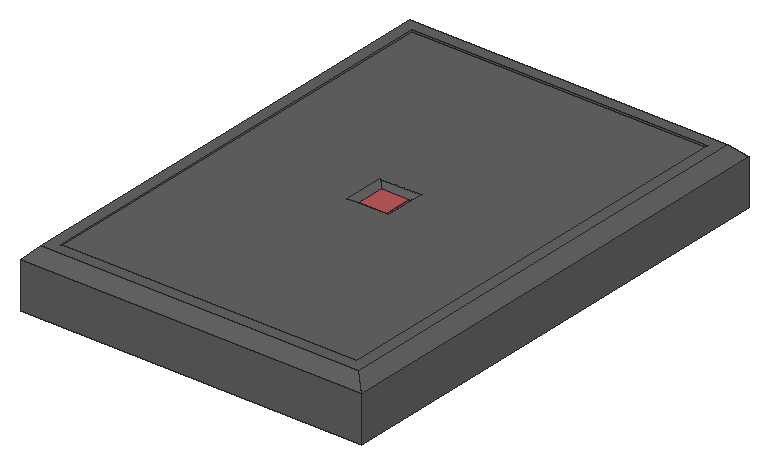
Revit family "Proximity Reader_P-710_Farpointe_R17", category Security Devices, host Face, Revit 2017
Family settings
  Host = Face
  Maintain Annotation Orientation = No
  Round Connector Dimension = Use Diameter
  Part Type = Normal
  Cut with Voids When Loaded = No
  Shared = No
  Room Calculation Point = No
Parameters
  Width = 6"
  URL - Quick Start Guides [instance] = "http://farpointedata.com/downloads/qsg_and_ref/ProximityReaders_QSG.pdf"
  URL - Mounting Guides Letter Size [instance] = "http://farpointedata.com/downloads/mounting_guides/MountingGuide_P710_Ltr.pdf"
  URL - Mounting Guides A4 Size [instance] = "http://farpointedata.com/downloads/mounting_guides/MountingGuide_P710_A4.pdf"
  URL - Data Sheets [instance] = "http://farpointedata.com/downloads/datasheets/P710_TDS.pdf"
  URL - Bid Specifications [instance] = "http://farpointedata.com/downloads/bid_specs/Farpointe_Pyramid_Specification.docx"
  URL = "http://www.farpointedata.com/"
  Modeled By [instance] = "www.commensestudio.com"
  Model = "P-710 Proximity Reader"  # constant formula
  Manufacturer = "Farpointe Data"  # constant formula
  LED [instance] = LED
  Height = 8.5"
  Description = "Long-Range Proximity, Single-Gang Wall Switch Box"  # constant formula
  Depth = 1"
  Default Elevation = 48"
  Cover [instance] = Cover
Reference planes (in)
  plane 1 "Center (Front/Back)": y = 0
  plane 2: z = 0
  plane 3 "Center (Left/Right)": x = 0
  plane 4: x = -3
  plane 5: x = 3
  plane 6: y = 4.25
  plane 7: y = -4.25
  plane 8: z = 1
Forms (in)
  Extrusion 1, solid, material "Cover" <- "Cover"
    sketch origin (0, 0, 0.3) x (1, 0, 0) y (0, 1, 0)
      loop
        line (-3, -4.25) -> (3, -4.25) -> (3, 4.25) -> (-3, 4.25) -> (-3, -4.25)
    from -0.3 to 0.5
  Blend 2, solid, material "Cover" <- "Cover"
    base sketch origin (0, 0, 0.3) x (1, 0, 0) y (0, 1, 0)
      loop
        line (-3, 4.25) -> (-3, -4.25) -> (3, -4.25) -> (3, 4.25) -> (-3, 4.25)
    top sketch origin (0, 0, 0.3) x (1, 0, 0) y (0, 1, 0)
      loop
        line (-2.8, 4.05) -> (-2.8, -4.05) -> (2.8, -4.05) -> (2.8, 4.05) -> (-2.8, 4.05)
    from 0.5 to 0.7
  Extrusion 3, solid, material "LED" <- "LED"
    sketch origin (0, 0, 0.3) x (1, 0, 0) y (0, 1, 0)
      loop
        line (0.25, -0.25) -> (0.25, 0.25) -> (-0.25, 0.25) -> (-0.25, -0.25) -> (0.25, -0.25)
    from 0.5 to 0.61
  Blend 4, void
    base sketch origin (0, 0, 0.3) x (1, 0, 0) y (0, 1, 0)
      loop
        line (-0.25, 0.25) -> (-0.25, -0.25) -> (0.25, -0.25) -> (0.25, 0.25) -> (-0.25, 0.25)
    top sketch origin (0, 0, 0.3) x (1, 0, 0) y (0, 1, 0)
      loop
        line (-0.39738, 0.39738) -> (-0.39738, -0.39738) -> (0.39738, -0.39738) -> (0.39738, 0.39738) -> (-0.39738, 0.39738)
    from 0.6 to 0.7
  Extrusion 5, void
    sketch origin (0, 0, 0) x (1, 0, 0) y (0, 1, 0)
      loop
        line (-2.6, 3.85) -> (-2.6, -3.85) -> (2.6, -3.85) -> (2.6, 3.85) -> (-2.6, 3.85)
    from 0.98 to 1.2
Cuts and joins
  Extrusion 5 cuts Extrusion 1
  Blend 4, Extrusion 5 cuts Blend 2
  Extrusion 5 cuts Extrusion 3
Dimensions and locks (in)
  equal spacing: plane 7, plane 1 "Center (Front/Back)", plane 6
  equal spacing: plane 4, plane 3 "Center (Left/Right)", plane 5
  "Height": plane 7 to plane 6
  "Width": plane 4 to plane 5
  "Depth": plane 8 to level
  aligned and locked: plane 2 to host face
  aligned and locked: level to host face
  aligned and locked: Blend 2 sketch curve to Extrusion 1
Automatic sketch dimensions
  host sketch curve to host sketch curve = 96"  (x2)
  plane 4 to Extrusion 1 sketch curve = 0"
  Extrusion 1 sketch curve to plane 5 = 0"
  plane 1 "Center (Front/Back)" to Extrusion 1 sketch curve = 4.25"
  Extrusion 1 sketch curve to plane 1 "Center (Front/Back)" = 4.25"
  Extrusion 3 sketch curve to plane 3 "Center (Left/Right)" = 0.25"
  plane 3 "Center (Left/Right)" to Extrusion 3 sketch curve = 0.25"
  plane 1 "Center (Front/Back)" to Extrusion 3 sketch curve = 0.25"
  Extrusion 3 sketch curve to plane 1 "Center (Front/Back)" = 0.25"
  Blend 2 sketch curve to plane 4 = 0"
  plane 7 to Blend 2 sketch curve = 0"
  plane 6 to Blend 2 sketch curve = 0"
  plane 4 to Blend 2 sketch curve = 0.2"
  Blend 2 sketch curve to plane 5 = 0.2"
  Blend 2 sketch curve to plane 7 = 0.2"
  plane 6 to Blend 2 sketch curve = 0.2"
  plane 4 to Extrusion 5 sketch curve = 0.4"
  Extrusion 5 sketch curve to plane 5 = 0.4"
  Extrusion 5 sketch curve to plane 7 = 0.4"
  plane 6 to Extrusion 5 sketch curve = 0.4"
  Blend 4 sketch curve to plane 3 "Center (Left/Right)" = 0.39738"
  plane 3 "Center (Left/Right)" to Blend 4 sketch curve = 0.39738"
  plane 1 "Center (Front/Back)" to Blend 4 sketch curve = 0.39738"
  Blend 4 sketch curve to plane 1 "Center (Front/Back)" = 0.39738"
  Blend 4 sketch curve to plane 3 "Center (Left/Right)" = 0.25"
  plane 3 "Center (Left/Right)" to Blend 4 sketch curve = 0.25"
  plane 1 "Center (Front/Back)" to Blend 4 sketch curve = 0.25"
  Blend 4 sketch curve to plane 1 "Center (Front/Back)" = 0.25"
Connectors (in)
  electrical at (0, 0, 0)
    settings: index 3, voltage 0 V, apparent load 0 VA, apparent load phase1 0 VA, apparent load phase2 0 VA, apparent load phase3 0 VA, power factor 1, load classification "Other", number of poles 1, system type 10, power factor state 1, is connector primary yes, connector utility no, sub classification motor no, connector description ""
